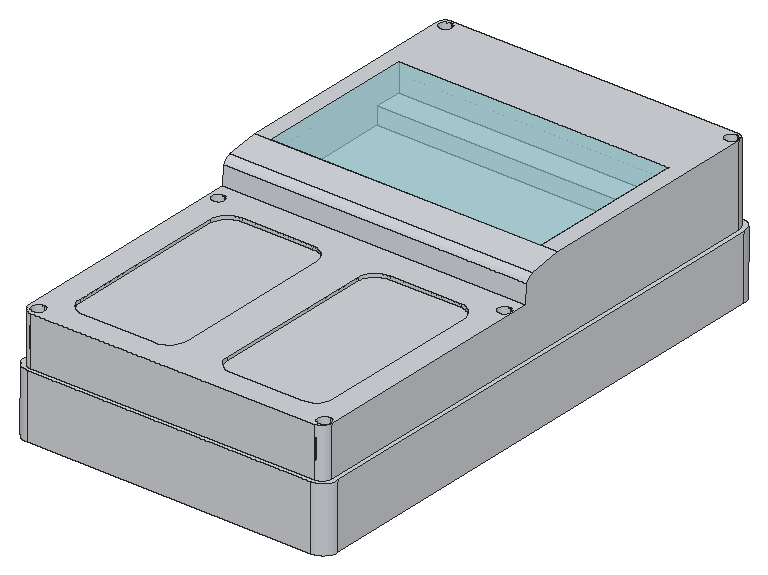
Revit family "Building-IEC309Connections-GEWISS-COMBIBLOC_BOARD_2SOCKETS", category Apparecchi elettrici, host Superficie, Revit 2019
Family settings
  Host = Superficie
  Mantenere orientamento annotazione = Sì
  Quota connettore circolare = Usa diametro
  Tipo di parte = Normale
  Taglio con vuoti quando caricato = No
  Condiviso = No
  Punto di calcolo locali = Sì
Parameters (values of type "GW66492 - BOARD IP55 EMPTY VERT. COMBIBLOC 2 SOCK")
  simbolo 2d [instance] = yes
  Version type = "Empty"
  Version file RFA = "21.10"
  URL = "https://www.gewiss.com/ww/en"
  Thermo-pressure with ball = "70 °C"
  Technical sheet = "https://www.gewiss.com/ww/en/search?q=GW66492"
  Spostamento_effettivo_S [instance] = 4000 mm - Spostamento_S  # 2580 mm
  Spostamento_S = 1420 mm
  Shock resistance = "IK08"
  STRUTTURA ALTA = Poche
  STRUTTURA = RAL - 7035
  SEO = "Board"
  Realized by GEWISS S.p.A. = ""
  Default Elevation = 1219.2 mm
  Produttore = "GEWISS S.p.A."
  Operating temperature: = "-25 +40 °C"
  No. of modules EN 50022 = "8"
  No. of blank lids supplied = "1"
  No. IB socket-outlets houseable = "2 COMBIBLOC 16/32A"
  Modello = "GW66492"
  Insulation class = "II"
  Installation type = "Surface-mounting"
  IP degree = "IP55"
  IDT = "eb3db09c38ad46b3b0133e3f89be51f6"
  IDF = "87e27bb4-cea2-4223-b5d9-d33036627ed7"
  Glow wire test: = "Empty"
  Glow Wire Test = "650°C"
  For socket-outlets = "Compact"
  Electrocod = "0321"
  Dispersible power (W) = "13"
  Descrizione = "BOARD IP55 EMPTY VERT. COMBIBLOC 2 SOCK"
  Colour = "Grey RAL 7035"
  Catalogue = "BUILDING"
  COBie.Tagnumber = ""
  COBie.CreatedOn = ""
  COBie.CreatebBy = ""
  COBie.ComponentRegisterItemID = ""
  COBie.Component.TagNumber = ""
  COBie.Component.Space = ""
  COBie.Component.SerialNumber = ""
  COBie.Component.InstallationDate = ""
  COBie.Component.Description = ""
  COBie.Component.BarCode = ""
  Accordance with Standards = "EN 62208"
  Accessories supplied = "70 °C"
Reference planes
  plane 1 "Centro (Fronte/Retro)": y = 0
  plane 2: z = 0
  plane 3 "Centro (Sinistra/Destra)": x = 0
  plane 4: x = -3000
  plane 5: x = -420
Forms (mm)
  Extrusion 1, solid, detail levels coarse
    sketch origin (0, 0, 0) x (1, 0, 0) y (0, 1, 0)
      loop
        line (0, 359.912) -> (0, 0) -> (210, 0) -> (210, 359.912) -> (0, 359.912)
    from 0 to 96
Lines and regions (mm)
  symbolic lines
    curve 1: line (2.511, 0, 105.105) -> (207.489, 0, 105.105)
    curve 2: line (2.511, 0, 81.105) -> (2.511, 0, 105.105)
    curve 3: line (207.489, 0, 81.105) -> (2.511, 0, 81.105)
    curve 4: line (207.489, 0, 105.105) -> (207.489, 0, 81.105)
    curve 5: line (0, 0, 81.105) -> (210, 0, 81.105)
    curve 6: line (0, 0, 0) -> (0, 0, 81.105)
    curve 7: line (210, 0, 0) -> (0, 0, 0)
    curve 8: line (210, 0, 81.105) -> (210, 0, 0)
Dimensions and locks
  plane 4 to plane 3 "Centro (Sinistra/Destra)" = 3000 mm
  "Spostamento_effettivo_S": plane 4 to plane 5
  aligned and locked: plane 2 to host face
  aligned and locked: level to host face
  aligned and locked: plane 1 "Centro (Fronte/Retro)" to nested 2
  aligned and locked: plane 3 "Centro (Sinistra/Destra)" to nested 2
  aligned and locked: Extrusion 1 sketch curve to nested 2  (x2)
  aligned and locked: Extrusion 1 to nested 2  (x3)
  aligned and locked: nested 2 to host face
  aligned and locked: nested 1 to plane 5
  aligned and locked: plane 3 "Centro (Sinistra/Destra)" to import instance
  aligned and locked: plane 1 "Centro (Fronte/Retro)" to import instance
Automatic sketch dimensions
  host sketch curve to host sketch curve = 2438.4 mm  (x2)
  plane 3 "Centro (Sinistra/Destra)" to Extrusion 1 sketch curve = 210 mm
  Extrusion 1 sketch curve to plane 1 "Centro (Fronte/Retro)" = 359.912 mm
  curve 7 to level = 0 mm
  curve 7 to plane 3 "Centro (Sinistra/Destra)" = 0 mm
  plane 3 "Centro (Sinistra/Destra)" to curve 3 = 2.511 mm
  curve 1 to curve 1 = 204.977 mm
  curve 3 to curve 7 = 2.511 mm
  level to curve 2 = 81.105 mm
  curve 8 to curve 3 = 0 mm
  curve 2 to curve 2 = 24 mm
Nested families
  nested 1: "simb_CENTRALINO_BASE_cad pro" at (-420, 737.795, 0), visible <- "simbolo 2d", type "simb_CENTRALINO_BASE_cad pro"
    with Distanza dal muro 0.1 mm
  nested 2: "IB QUADRETTI PER 2 PRESE IB COMPATTE_base" at (0, 0, -32.045), type "IB QUADRETTI PER 2 PRESE IB COMPATTE_base", detail levels medium+fine
Definition of nested family "IB QUADRETTI PER 2 PRESE IB COMPATTE_base"
  Parameters (values of type "IB QUADRETTI PER 2 PRESE IB COMPATTE_base")
    d_piano = 32.045 mm
    Vetro = none
    Struttura = none
    Spessore = 96 mm
    Default Elevation = 14 mm
    Presa = none
    Larghezza = 210 mm
    IFC.TypeObject = ""
    IFC.ExportType = ""
    IFC.ExportAs = ""
    COBie.CreatedOn = ""
    COBie.CreatebBy = ""
    COBie.ComponentRegisterItemID = ""
    COBie.Component.TagNumber = ""
    COBie.Component.Space = ""
    COBie.Component.SerialNumber = ""
    COBie.Component.InstallationDate = ""
    COBie.Component.Description = ""
    COBie.Component.BarCode = ""
    Altezza = 359.912 mm
  Reference planes
    plane 1 "Centro (Fronte/Retro)": y = 0
    plane 2: z = 0
    plane 3 "Centro (Sinistra/Destra)": x = 0
    plane 4: y = 410.827
    plane 5: x = 210
    plane 6: y = 356.291
    plane 7: x = 3.621
    plane 8: x = 206.379
    plane 9: y = 2.821
    plane 10: y = 359.912
    plane 11: z = 32.045
    plane 12: z = 75.045
    plane 13: z = 128.045
    plane 14: x = 14.621
    plane 15: x = 195.379
    plane 16: y = 151.272
    plane 17: y = 18.44
    plane 18: z = 108.045
    plane 19: z = 105.984
    plane 20: y = 349.892
    plane 21: x = 201.523
    plane 22: x = 10.03
    plane 23: y = 304.922
    plane 24: y = 198.075
    plane 25: z = 120.562
    plane 26: x = 20.577
    plane 27: x = 119.47
    plane 28: x = 92.319
    plane 29: x = 190.983
  Forms (mm)
    Extrusion 1, solid
      sketch origin (0, 0, 84.734) x (0, -1, 0) y (1, 0, 0)
        loop
          arc (-359.912, 10) -> (-356.983, 2.929) -> (-349.912, 0) r 10
          line (-349.912, 0) -> (-10, 0)
          arc (-10, 0) -> (-2.929, 2.929) -> (0, 10) r 10
          line (0, 10) -> (0, 200)
          arc (0, 200) -> (-2.929, 207.071) -> (-10, 210) r 10
          line (-10, 210) -> (-349.912, 210)
          arc (-349.912, 210) -> (-356.983, 207.071) -> (-359.912, 200) r 10
          line (-359.912, 200) -> (-359.912, 10)
      from -52.69 to -9.69
    Extrusion 2, solid
      sketch origin (0, 0, 84.734) x (0, -1, 0) y (1, 0, 0)
        loop
          arc (-356.291, 10.121) -> (-354.387, 5.525) -> (-349.791, 3.621) r 6.5
          line (-349.791, 3.621) -> (-9.277, 3.621)
          arc (-9.277, 3.621) -> (-4.712, 5.512) -> (-2.821, 10.077) r 6.456
          line (-2.821, 10.077) -> (-2.821, 199.879)
          arc (-2.821, 199.879) -> (-4.725, 204.475) -> (-9.321, 206.379) r 6.5
          line (-9.321, 206.379) -> (-349.791, 206.379)
          arc (-349.791, 206.379) -> (-354.387, 204.475) -> (-356.291, 199.879) r 6.5
          line (-356.291, 199.879) -> (-356.291, 10.121)
      from -9.69 to 43.31
    Extrusion 3, void
      sketch origin (0, 0, 0) x (0, 1, 0) y (0, 0, 1)
        loop
          line (198.075, 128.045) -> (198.075, 113.321) -> (203.222, 113.321) -> (220.76, 97.788) -> (286.916, 97.788) -> (287.014, 109.308) -> (304.922, 109.308) -> (304.922, 128.045) -> (198.075, 128.045)
      from 14.621 to 195.379
    Extrusion 4, void
      sketch origin (0, 0, 0) x (0, 1, 0) y (0, 0, 1)
        loop
          line (2.821, 128.045) -> (2.821, 108.045) -> (171.66, 108.045) -> (172.491, 120.424)
          arc (172.491, 120.424) -> (174.549, 123.144) -> (177.585, 124.698) r 7.643
          arc (177.585, 124.698) -> (187.758, 126.813) -> (198.075, 128.045) r 120.646
          line (198.075, 128.045) -> (2.821, 128.045)
      from 3.621 to 206.379
    Extrusion 5, void
      sketch origin (0, 0, 84.734) x (0, -1, 0) y (1, 0, 0)
        loop
          arc (-151.272, 32.569) -> (-147.76, 24.089) -> (-139.28, 20.577) r 11.992
          line (-139.28, 20.577) -> (-30.44, 20.577)
          arc (-30.44, 20.577) -> (-21.955, 24.092) -> (-18.44, 32.577) r 12
          line (-18.44, 32.577) -> (-18.44, 80.319)
          arc (-18.44, 80.319) -> (-21.955, 88.804) -> (-30.44, 92.319) r 12
          line (-30.44, 92.319) -> (-139.272, 92.319)
          arc (-139.272, 92.319) -> (-147.757, 88.804) -> (-151.272, 80.319) r 12
          line (-151.272, 80.319) -> (-151.272, 32.569)
        loop
          arc (-151.272, 131.462) -> (-147.76, 122.982) -> (-139.28, 119.47) r 11.992
          line (-139.28, 119.47) -> (-30.44, 119.47)
          arc (-30.44, 119.47) -> (-21.955, 122.984) -> (-18.44, 131.47) r 12
          line (-18.44, 131.47) -> (-18.44, 178.983)
          arc (-18.44, 178.983) -> (-21.955, 187.469) -> (-30.44, 190.983) r 12
          line (-30.44, 190.983) -> (-139.272, 190.983)
          arc (-139.272, 190.983) -> (-147.757, 187.469) -> (-151.272, 178.983) r 12
          line (-151.272, 178.983) -> (-151.272, 131.462)
      from 21.25 to 23.31
    Extrusion 6, void
      sketch origin (0, 0, 84.734) x (0, -1, 0) y (1, 0, 0)
        loop
          circle (-349.892, 10.03) r 4.143
        loop
          circle (-349.892, 201.523) r 4.143
        loop
          circle (-159.833, 10.03) r 4.143
        loop
          circle (-159.833, 201.523) r 4.143
        loop
          circle (-9.22, 201.523) r 4.318
        loop
          circle (-9.22, 10.03) r 4.318
      from 0 to 43.31
    Extrusion 7, solid, material <- "Vetro"
      sketch origin (0, 0, 84.734) x (0, -1, 0) y (1, 0, 0)
        loop
          line (-198.075, 14.621) -> (-198.075, 195.379) -> (-304.922, 195.379) -> (-304.922, 14.621) -> (-198.075, 14.621)
      from 35.828 to 43.31
  Cuts and joins
    Extrusion 3, Extrusion 4, Extrusion 5, Extrusion 6 cuts Extrusion 2
  Dimensions and locks
    locked: plane 10 to plane 6 at 3.621
    locked: plane 3 "Centro (Sinistra/Destra)" to plane 7 at 3.621
    locked: plane 8 to plane 5 at 3.621
    locked: plane 1 "Centro (Fronte/Retro)" to plane 9 at 2.821
    locked: plane 12 to plane 11 at 43
    locked: plane 13 to plane 12 at 53
    locked: plane 7 to plane 14 at 11
    locked: plane 15 to plane 8 at 11
    Extrusion 5 to plane 1 "Centro (Fronte/Retro)" = 151.272 mm
    locked: plane 19 to plane 18 at 2.06
    "d_piano": plane 11 to level
    locked: plane 24 to plane 23 at 106.848
    locked: plane 13 to plane 25 at 7.483
    "Larghezza": plane 3 "Centro (Sinistra/Destra)" to plane 5
    locked: plane 21 to plane 8 at 4.856
    plane 27 to plane 29 = 71.514 mm
    radius of Extrusion 1 sketch curve = 10 mm  (x4)
    radius of Extrusion 2 sketch curve = 6.5 mm  (x3)
    radius of Extrusion 5 sketch curve = 11.992 mm
    radius of Extrusion 5 sketch curve = 12 mm  (x3)
    aligned and locked: level to plane 2
    aligned and locked: Extrusion 1 sketch curve to plane 10
    aligned and locked: Extrusion 1 sketch curve to plane 3 "Centro (Sinistra/Destra)"
    aligned and locked: Extrusion 1 sketch curve to plane 5
    aligned and locked: Extrusion 1 sketch curve to plane 1 "Centro (Fronte/Retro)"
    aligned and locked: Extrusion 1 to plane 11
    aligned and locked: plane 12 to Extrusion 1
    aligned and locked: Extrusion 2 sketch curve to plane 6
    aligned and locked: Extrusion 2 sketch curve to plane 7
    aligned and locked: Extrusion 2 sketch curve to plane 8
    aligned and locked: Extrusion 2 sketch curve to plane 9
    aligned and locked: Extrusion 2 to plane 12
    aligned and locked: plane 13 to Extrusion 2
    aligned and locked: Extrusion 3 sketch curve to plane 13
    aligned and locked: Extrusion 4 sketch curve to plane 13
    aligned and locked: Extrusion 4 sketch curve to plane 9
    aligned and locked: plane 7 to Extrusion 4
    aligned and locked: Extrusion 4 to plane 8
    aligned and locked: plane 18 to Extrusion 4
    aligned and locked: Extrusion 5 to Extrusion 4
    aligned and locked: plane 19 to Extrusion 5
    aligned and locked: plane 20 to Extrusion 6 sketch curve
    aligned and locked: Extrusion 6 sketch curve to plane 20
    aligned and locked: plane 21 to Extrusion 6 sketch curve  (x3)
    aligned and locked: plane 22 to Extrusion 6 sketch curve
    aligned and locked: Extrusion 6 sketch curve to plane 22  (x2)
    aligned and locked: Extrusion 2 to Extrusion 6
    aligned and locked: plane 14 to Extrusion 3
    aligned and locked: Extrusion 3 to plane 15
    aligned and locked: plane 13 to Extrusion 7
    aligned and locked: Extrusion 7 to plane 25
    aligned and locked: plane 26 to Extrusion 5 sketch curve
    aligned and locked: plane 28 to Extrusion 5 sketch curve
    aligned and locked: plane 27 to Extrusion 5 sketch curve
    aligned and locked: plane 29 to Extrusion 5 sketch curve
    aligned and locked: Extrusion 5 sketch curve to plane 16
    aligned and locked: Extrusion 5 sketch curve to plane 17
  Automatic sketch dimensions
    plane 22 to Extrusion 2 sketch curve = 0.047 mm
    plane 16 to Extrusion 3 sketch curve = 46.803 mm
    Extrusion 3 sketch curve to Extrusion 3 sketch curve = 5.147 mm
    plane 19 to Extrusion 3 sketch curve = 8.196 mm
    Extrusion 3 sketch curve to Extrusion 3 sketch curve = 17.538 mm
    Extrusion 3 sketch curve to plane 20 = 62.976 mm
    Extrusion 3 sketch curve to plane 18 = 1.263 mm
    Extrusion 3 sketch curve to Extrusion 3 sketch curve = 0.098 mm
    Extrusion 3 sketch curve to Extrusion 3 sketch curve = 17.908 mm
    Extrusion 3 sketch curve to plane 18 = 5.276 mm
    plane 18 to Extrusion 4 sketch curve = 0 mm
    plane 16 to Extrusion 4 sketch curve = 20.387 mm
    Extrusion 4 sketch curve to plane 13 = 7.621 mm
    Extrusion 4 sketch curve to Extrusion 4 sketch curve = 0.831 mm
    Extrusion 4 sketch curve to Extrusion 4 sketch curve = 6.971 mm
    Extrusion 4 sketch curve to Extrusion 4 sketch curve = 18.613 mm
    level to Extrusion 4 sketch curve = 7.744 mm
    plane 16 to Extrusion 4 sketch curve = 55.931 mm
    Extrusion 4 sketch curve to Extrusion 4 sketch curve = 3.134 mm
    plane 16 to Extrusion 6 sketch curve = 8.561 mm  (x2)
    plane 9 to Extrusion 6 sketch curve = 6.399 mm  (x2)
    Extrusion 7 sketch curve to plane 14 = 0 mm
    Extrusion 7 sketch curve to plane 15 = 0 mm
    Extrusion 7 sketch curve to plane 23 = 0 mm
    Extrusion 7 sketch curve to plane 24 = 0 mm
    Extrusion 5 sketch curve to plane 16 = 0 mm
    Extrusion 5 sketch curve to plane 17 = 0 mm
    Extrusion 5 sketch curve to Extrusion 5 sketch curve = 11.992 mm
    Extrusion 5 sketch curve to plane 16 = 12 mm
    plane 17 to Extrusion 5 sketch curve = 12 mm  (x2)
    radius of Extrusion 6 sketch curve = 4.143 mm  (x4)
    radius of Extrusion 6 sketch curve = 4.318 mm  (x2)
Definition of nested family "simb_CENTRALINO_BASE_cad pro"
  Parameters (values of type "simb_CENTRALINO_BASE_cad pro")
    Distanza dal muro [instance] = 0 mm
  Reference planes
    plane 1: y = 0
    plane 2: x = 0
  Dimensions and locks
    "Distanza dal muro": plane 1 to nested 1
    aligned and locked: plane 2 to nested 1
  Nested families
    nested 1: "CENTRALINO_BASE_cad pro" at (0, 0, 0), type "CENTRALINO"
  Definition of nested family "CENTRALINO_BASE_cad pro"
    Parameters (values of type "CENTRALINO")
      Distanza dal muro = 0 mm
    Reference planes
      plane 1: y = 0
      plane 2: x = 0
    Lines and regions (mm)
      detail lines
        curve 1: line (1.33, 1.33, 0) -> (2.109, 1.33, 0)
        curve 2: line (2.109, 1.33, 0) -> (2.109, 0, 0)
        curve 3: line (2.109, 0, 0) -> (1.33, 0, 0)
        curve 4: line (1.33, 0, 0) -> (-1.33, 1.33, 0)
        curve 5: line (-1.33, 1.33, 0) -> (1.33, 1.33, 0)
        curve 6: line (1.33, 1.33, 0) -> (1.33, 0, 0)
        curve 7: line (1.33, 0, 0) -> (-1.33, 0, 0)
        curve 8: line (-1.33, 0, 0) -> (-1.33, 1.33, 0)
        curve 9: line (1.461, 0.665, 0) -> (1.977, 0.665, 0)
        curve 10: line (1.719, 0.665, 0) -> (1.719, 1.01, 0)
        curve 11: arc (1.977, 0.406, 0) -> (1.719, 0.665, 0) -> (1.461, 0.406, 0) r 0.258
